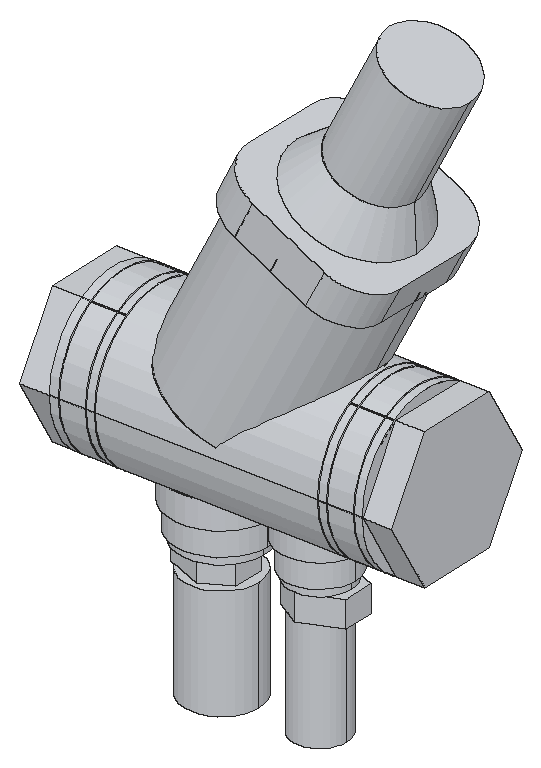
Revit family "Sigma_Compact_DN025_HF_RFA_2019", category Pipe Accessories, Revit 2019
Family settings
  Round Connector Dimension = Use Diameter
  Part Type = Valve - Breaks Into
  Work Plane-Based = No
  Always vertical = Yes
  Cut with Voids When Loaded = No
  Shared = No
Parameters (values of type "Sigma Compact DN 25 HF s měřením")
  magiProductId = "e5e5fa70e5f44115b8324bb7a2a437"
  magiProductFamilyId = "bfb31f54e1b64d079baf8cac8e8d7b"
  magiPartTypeId = 304
  isMeasuringValve [instance] = no
  ang2D [instance] = 0.00°
  Z6 = 27 mm
  Z5 = 63 mm
  Z4 = 54 mm
  Z3 = 9 mm
  Z2 = 45 mm
  XR2 = 25 mm
  XR1 = 13 mm
  W2D = 15 mm
  VersionID = "2.0/2018.12.13.2/FRESE_SIGMA_PLUG_Q13_001"
  Use Minimum Symbol Size [instance] = no
  URL = "www.hydronic.cz"
  Type Comments = "závitový; vnitřní závit; PN25; max dp=400kPa; -10~+120°C; max uzavírací tlak 1MPa"
  R4 = 15 mm
  R3 = 10 mm
  R2 = 18 mm
  R1 = 19 mm
  QmdConnectorList = "301;D;302;D"
  Productdata [instance] = ""
  NL__ve = -NL  # -16.6 mm
  NL = 16.6 mm
  Manufacturer = "Hydronic Systems Prague s.r.o."
  MC Use Limits From Balancing Method = no
  MC Throttling Minimum Value = 0
  MC Throttling Maximum Value = 0
  MC Product Code = "53-2209 DN25 FF s měřením; (137-2400 l/h); kvs=4,2"
  MC Pressure Drop Minimum Value = 0.0 Pa
  MC Pressure Drop Maximum Value = 0.0 Pa
  MC Piping Given Pressure Drop [instance] = 0.0 Pa
  M5 = 34.9 mm
  M4 = 32.9 mm
  M3 = 26.9 mm
  M2 = 24.9 mm
  LP = 41.5 mm
  LM = 49.8 mm
  LL__ve = -LL  # -5.9 mm
  LLT__ve = -LLT  # -16.3 mm
  LLT = 16.3 mm
  LLL = 9 mm
  LL3 = 41 mm
  LL2 = 34 mm
  LL = 5.9 mm
  L3 = 11 mm
  L2D_Min = 30.48 mm
  L2D = 65 mm
  Description = "Automatický vyvažovací ventil"
  DR1 = no
  DR0 = yes
  DL2 = 66 mm
  D = 25 mm
  CenSd_R2_6 = R2 * cos(30.00°)  # 15.588 mm
  CAT0 = yes
  C0D1 = no
  C0D0 = yes
Types (3, lengths in mm): name | magiProductId | Z6 | Z5 | Z4 | Z3 | Z2 | R2 | NL__ve | NL | MC Product Code | M5 | M4 | M3 | M2 | LP | LM | LL__ve | LLT__ve | LLT | LLL | LL2 | LL | D | CenSd_R2_6
  Sigma Compact DN 15 HF s měřením | "5720d023926c42d59d57912da161fc" | 26.1 | 60.9 | 52.2 | 8.7 | 43.5 | 14 | -15 | 15 | "53-2201 DN15 FF s měřením; (60-1080 l/h); kvs=2,6" | 32.5 | 30.5 | 24.5 | 22.5 | 37.5 | 45 | -5.7 | -14.9 | 14.9 | 11 | 32 | 5.7 | 15 | 12.124
  Sigma Compact DN 20 HF s měřením | "71a172a3e93b42a69d546b1c4edcaf" | 26.1 | 60.9 | 52.2 | 8.7 | 43.5 | 14 | -15.8 | 15.8 | "53-2203 DN20 FF s měřením; (102-1930 l/h); kvs=4,0" | 33.7 | 31.7 | 25.7 | 23.7 | 39.5 | 47.4 | -5.7 | -14.9 | 14.9 | 11 | 32 | 5.7 | 20 | 12.124
  Sigma Compact DN 25 HF s měřením | "e5e5fa70e5f44115b8324bb7a2a437" | 27 | 63 | 54 | 9 | 45 | 18 | -16.6 | 16.6 | "53-2209 DN25 FF s měřením; (137-2400 l/h); kvs=4,2" | 34.9 | 32.9 | 26.9 | 24.9 | 41.5 | 49.8 | -5.9 | -16.3 | 16.3 | 9 | 34 | 5.9 | 25 | 15.588
Reference planes
  plane 1 "Center (Front/Back)": y = 0
  plane 2 "XYPLANE": z = 0
  plane 3 "Center (Left/Right)": x = 0
  plane 4 "408": x = 41.5
  plane 5 "407": x = -41.5
  plane 6 "404": z = -35.1
  plane 7 "403": z = -41
  plane 8 "402": z = -66
  plane 9 "213": x = -11
  plane 10 "168": z = -12.3
  plane 11 "167": z = -14.3
  plane 12 "166": z = -20.2
  plane 13 "165": z = -26.1
  plane 14 "164": z = -28.1
  plane 15 "154": z = 0
  plane 16 "152": y = 0
  plane 17 "151": z = -34
  plane 18 "150": x = 11
  plane 19 "75": through (318.218, 0, 679.605) normal (0.891, 0, -0.454)
  plane 20 "74": x = 34.9
  plane 21 "73": x = 32.9
  plane 22 "72": x = 26.9
  plane 23 "71": x = 24.9
  plane 24 "70": x = -34.9
  plane 25 "69": x = -32.9
  plane 26 "68": x = -26.9
  plane 27 "67": y = 0
  plane 28 "66": through (-666.893, 0, 343.166) normal (0.454, 0, 0.891)
  plane 29 "65": x = -24.9
  plane 30 "64": through (335.147, 0, 670.979) normal (0.891, 0, -0.454)
  plane 31 "63": through (-647.825, 0, 380.588) normal (0.454, 0, 0.891)
  plane 32 "62": through (352.076, 0, 662.353) normal (0.891, 0, -0.454)
  plane 33 "61": y = 19
  plane 34 "60": y = -19
  plane 35 "59": through (-643.739, 0, 388.607) normal (0.454, 0, 0.891)
  plane 36 "58": through (-639.653, 0, 396.626) normal (0.454, 0, 0.891)
  plane 37 "56": x = 0
  plane 38 "55": through (-668.255, 0, 340.493) normal (0.454, 0, 0.891)
  plane 39 "102XY": through (-668.255, 0, 340.493) normal (0.454, 0, 0.891)
  plane 40 "102XZ": y = 0
  plane 41 "102YZ": through (340.493, 0, 668.255) normal (0.891, 0, -0.454)
Forms (mm)
  Extrusion 1, solid
    sketch origin (41.5, -750, 0) x (0, 1, 0) y (0, 0, 1)
      loop
        line (768, 0) -> (759, 15.588) -> (741, 15.588) -> (732, 0) -> (741, -15.588) -> (759, -15.588) -> (768, 0)
    from 0 to -16.6 <- "NL__ve"
  Extrusion 2, solid
    sketch origin (-41.5, -750, 0) x (0, 1, 0) y (0, 0, 1)
      loop
        line (732, 0) -> (741, -15.588) -> (759, -15.588) -> (768, 0) -> (759, 15.588) -> (741, 15.588) -> (732, 0)
    from 0 to 16.6 <- "NL"
  Extrusion 3, solid, visible <- "C0D1"
    sketch origin (-750, 0, -66) x (1, 0, 0) y (0, 1, 0)
      loop
        circle (739, 0) r 9.4
    from 0 to 50
  Extrusion 4, solid, visible <- "DR1"
    sketch origin (-750, 0, -35.1) x (1, 0, 0) y (0, 1, 0)
      loop
        line (739, -8) -> (745.928, -4) -> (745.928, 4) -> (739, 8) -> (729.672, 4) -> (729.672, -4) -> (739, -8)
    from 0 to -5.9 <- "LL__ve"
  Extrusion 5, solid, visible <- "DR1"
    sketch origin (-750, 0, -35.1) x (1, 0, 0) y (0, 1, 0)
      loop
        circle (739, 0) r 10.4
    from 0 to 9 <- "LLL"
  Extrusion 6, solid, visible <- "DR1"
    sketch origin (-750, 0, -26.1) x (1, 0, 0) y (0, 1, 0)
      loop
        circle (739, 0) r 11.4
    from 0 to 5.9 <- "LL"
  Extrusion 7, solid, visible <- "DR1"
    sketch origin (-750, 0, -20.2) x (1, 0, 0) y (0, 1, 0)
      loop
        circle (739, 0) r 12.4
    from 0 to 5.9 <- "LL"
  Blend 8, solid, visible <- "DR1"
    base sketch origin (-750, 0, -12.3) x (1, 0, 0) y (0, 1, 0)
      loop
        circle (739, 0) r 9.9
    top sketch origin (-750, 0, -12.3) x (1, 0, 0) y (0, 1, 0)
      loop
        circle (739, 0) r 12.4
    from 0 to -2
  Extrusion 9, solid, visible <- "DR1"
    sketch origin (-750, 0, 0) x (1, 0, 0) y (0, 1, 0)
      loop
        circle (739, 0) r 9.9
    from 0 to -16.3 <- "LLT__ve"
  Extrusion 10, solid, visible <- "C0D0"
    sketch origin (-750, 0, -34) x (1, 0, 0) y (0, 1, 0)
      loop
        circle (739, 0) r 8.4
    from 0 to -25
  Extrusion 11, solid, visible <- "DR0"
    sketch origin (-750, 0, -28.1) x (1, 0, 0) y (0, 1, 0)
      loop
        line (739, -7) -> (745.062, -3.5) -> (745.062, 3.5) -> (739, 7) -> (730.538, 3.5) -> (730.538, -3.5) -> (739, -7)
    from 0 to -5.9 <- "LL__ve"
  Extrusion 12, solid, visible <- "DR0"
    sketch origin (-750, 0, -28.1) x (1, 0, 0) y (0, 1, 0)
      loop
        circle (739, 0) r 9.4
    from 0 to 2
  Extrusion 13, solid, visible <- "DR0"
    sketch origin (-750, 0, -20.2) x (1, 0, 0) y (0, 1, 0)
      loop
        circle (739, 0) r 11.4
    from 0 to 5.9 <- "LL"
  Blend 14, solid, visible <- "DR0"
    base sketch origin (-750, 0, -12.3) x (1, 0, 0) y (0, 1, 0)
      loop
        circle (739, 0) r 8.9
    top sketch origin (-750, 0, -12.3) x (1, 0, 0) y (0, 1, 0)
      loop
        circle (739, 0) r 11.4
    from 0 to -2
  Extrusion 15, solid, visible <- "DR0"
    sketch origin (-750, 0, 0) x (1, 0, 0) y (0, 1, 0)
      loop
        circle (739, 0) r 8.9
    from 0 to -16.3 <- "LLT__ve"
  Extrusion 16, solid, visible <- "DR0"
    sketch origin (-750, 0, 0) x (1, 0, 0) y (0, 1, 0)
      loop
        circle (739, 0) r 8.9
    from 0 to -16.3 <- "LLT__ve"
  Blend 17, solid, visible <- "DR0"
    base sketch origin (-750, 0, -12.3) x (1, 0, 0) y (0, 1, 0)
      loop
        circle (739, 0) r 8.9
    top sketch origin (-750, 0, -12.3) x (1, 0, 0) y (0, 1, 0)
      loop
        circle (739, 0) r 11.4
    from 0 to -2
  Extrusion 18, solid, visible <- "DR0"
    sketch origin (-750, 0, -20.2) x (1, 0, 0) y (0, 1, 0)
      loop
        circle (739, 0) r 11.4
    from 0 to 5.9 <- "LL"
  Extrusion 19, solid, visible <- "DR0"
    sketch origin (-750, 0, -26.1) x (1, 0, 0) y (0, 1, 0)
      loop
        circle (739, 0) r 10.4
    from 0 to 5.9 <- "LL"
  Extrusion 20, solid, visible <- "DR0"
    sketch origin (-750, 0, -28.1) x (1, 0, 0) y (0, 1, 0)
      loop
        circle (739, 0) r 9.4
    from 0 to 2
  Extrusion 21, solid, visible <- "DR0"
    sketch origin (-750, 0, -28.1) x (1, 0, 0) y (0, 1, 0)
      loop
        line (739, -7) -> (745.062, -3.5) -> (745.062, 3.5) -> (739, 7) -> (730.538, 3.5) -> (730.538, -3.5) -> (739, -7)
    from 0 to -5.9 <- "LL__ve"
  Extrusion 22, solid, visible <- "C0D0"
    sketch origin (-750, 0, -34) x (1, 0, 0) y (0, 1, 0)
      loop
        circle (739, 0) r 8.4
    from 0 to -25
  Extrusion 23, solid, visible <- "CAT0"
    sketch origin (-750, 0, -34) x (1, 0, 0) y (0, 1, 0)
      loop
        circle (761, 0) r 6
    from 0 to -25
  Extrusion 24, solid
    sketch origin (-750, 0, -28.1) x (1, 0, 0) y (0, 1, 0)
      loop
        line (761, -7) -> (769.462, -3.5) -> (769.462, 3.5) -> (761, 7) -> (754.938, 3.5) -> (754.938, -3.5) -> (761, -7)
    from 0 to -5.9 <- "LL__ve"
  Extrusion 25, solid
    sketch origin (-750, 0, -28.1) x (1, 0, 0) y (0, 1, 0)
      loop
        circle (761, 0) r 7
    from 0 to 2
  Extrusion 26, solid
    sketch origin (-750, 0, -26.1) x (1, 0, 0) y (0, 1, 0)
      loop
        circle (761, 0) r 8
    from 0 to 5.9 <- "LL"
  Extrusion 27, solid
    sketch origin (-750, 0, -20.2) x (1, 0, 0) y (0, 1, 0)
      loop
        circle (761, 0) r 9
    from 0 to 5.9 <- "LL"
  Blend 28, solid
    base sketch origin (-750, 0, -12.3) x (1, 0, 0) y (0, 1, 0)
      loop
        circle (761, 0) r 6.5
    top sketch origin (-750, 0, -12.3) x (1, 0, 0) y (0, 1, 0)
      loop
        circle (761, 0) r 9
    from 0 to -2
  Extrusion 29, solid
    sketch origin (-750, 0, 0) x (1, 0, 0) y (0, 1, 0)
      loop
        circle (761, 0) r 6.5
    from 0 to -16.3 <- "LLT__ve"
  Blend 30, solid, visible <- "CAT0"
    base sketch origin (32.9, -750, 0) x (0, 1, 0) y (0, 0, 1)
      loop
        circle (750, 0) r 18
    top sketch origin (32.9, -750, 0) x (0, 1, 0) y (0, 0, 1)
      loop
        circle (750, 0) r 18
    from 0 to 2
  Extrusion 31, solid, visible <- "CAT0"
    sketch origin (26.9, -750, 0) x (0, 1, 0) y (0, 0, 1)
      loop
        circle (750, 0) r 18
    from 0 to 6
  Blend 32, solid, visible <- "CAT0"
    base sketch origin (24.9, -750, 0) x (0, 1, 0) y (0, 0, 1)
      loop
        circle (750, 0) r 18
    top sketch origin (24.9, -750, 0) x (0, 1, 0) y (0, 0, 1)
      loop
        circle (750, 0) r 18
    from 0 to 2
  Blend 33, solid, visible <- "CAT0"
    base sketch origin (-32.9, -750, 0) x (0, 1, 0) y (0, 0, 1)
      loop
        circle (750, 0) r 18
    top sketch origin (-32.9, -750, 0) x (0, 1, 0) y (0, 0, 1)
      loop
        circle (750, 0) r 18
    from 0 to -2
  Extrusion 34, solid, visible <- "CAT0"
    sketch origin (-32.9, -750, 0) x (0, 1, 0) y (0, 0, 1)
      loop
        circle (750, 0) r 18
    from 0 to 6
  Blend 35, solid, visible <- "CAT0"
    base sketch origin (-26.9, -750, 0) x (0, 1, 0) y (0, 0, 1)
      loop
        circle (750, 0) r 18
    top sketch origin (-26.9, -750, 0) x (0, 1, 0) y (0, 0, 1)
      loop
        circle (750, 0) r 18
    from 0 to 2
  Extrusion 36, solid, visible <- "CAT0"
    sketch origin (-24.9, -750, 0) x (0, 1, 0) y (0, 0, 1)
      loop
        circle (750, 0) r 18
    from 0 to 49.8 <- "LM"
  Extrusion 37, solid, visible <- "CAT0"
    sketch origin (-666.893, 0, 343.166) x (0.891007, 0, -0.45399) y (0, 1, 0)
      loop
        circle (744, 0) r 19
    from 0 to 45 <- "Z2"
  Extrusion 38, solid, visible <- "CAT0"
    sketch origin (-647.825, 0, 380.588) x (0.891007, 0, -0.45399) y (0, 1, 0)
      loop
        arc (735, 19) -> (727.929, 16.071) -> (725, 9) r 10
        line (725, 9) -> (725, -9)
        arc (725, -9) -> (727.929, -16.071) -> (735, -19) r 10
        line (735, -19) -> (753, -19)
        arc (753, -19) -> (760.071, -16.071) -> (763, -9) r 10
        line (763, -9) -> (763, 9)
        arc (763, 9) -> (760.071, 16.071) -> (753, 19) r 10
        line (753, 19) -> (735, 19)
    from 0 to 9 <- "Z3"
  Blend 39, solid, visible <- "CAT0"
    base sketch origin (-643.739, 0, 388.607) x (0.891007, 0, -0.45399) y (0, 1, 0)
      loop
        circle (744, 0) r 15
    top sketch origin (-643.739, 0, 388.607) x (0.891007, 0, -0.45399) y (0, 1, 0)
      loop
        circle (744, 0) r 10
    from 0 to 9
  Extrusion 40, solid, visible <- "CAT0"
    sketch origin (-639.653, 0, 396.626) x (0.891007, 0, -0.45399) y (0, 1, 0)
      loop
        circle (744, 0) r 10
    from 0 to 27 <- "Z6"
  Blend 41, solid, visible <- "CAT0"
    base sketch origin (-668.255, 0, 340.493) x (0.891007, 0, -0.45399) y (0, 1, 0)
      loop
        circle (744, 0) r 15
    top sketch origin (-668.255, 0, 340.493) x (0.891007, 0, -0.45399) y (0, 1, 0)
      loop
        circle (744, 0) r 19
    from 0 to 3
  Extrusion 42, solid, not visible
    sketch origin (-34.9, -750, 0) x (0, 1, 0) y (0, 0, 1)
      loop
        circle (750, 0) r 10
    from 0 to 10
  Extrusion 43, solid, not visible
    sketch origin (34.9, -750, 0) x (0, 1, 0) y (0, 0, 1)
      loop
        circle (750, 0) r 10
    from 0 to -10
Lines and regions (mm)
  reference lines, not visible
    curve 1: circle (2, 2, 0) r 1 normal (0, 0, 1)
  reference lines
    curve 2: line (41.5, 0, 0) -> (41.5, -3.5, 6.062)
    curve 3: line (41.5, 0, 0) -> (41.5, -7, 0)
    curve 4: line (41.5, 0, 0) -> (41.5, -3.5, -6.062)
    curve 5: line (-41.5, 0, 0) -> (-41.5, 3.5, 6.062)
    curve 6: line (-41.5, 0, 0) -> (-41.5, 7, 0)
    curve 7: line (-41.5, 0, 0) -> (-41.5, 3.5, -6.062)
Dimensions and locks
  plane 1 "Center (Front/Back)" to curve 1 = 2 mm
  "LP": plane 37 "56" to plane 4 "408"
  "LP": plane 37 "56" to plane 5 "407"
  "LL": plane 7 "403" to plane 6 "404"
  "LL3": plane 2 "XYPLANE" to plane 7 "403"
  "DL2": plane 2 "XYPLANE" to plane 8 "402"
  "L3": plane 3 "Center (Left/Right)" to plane 9 "213"
  locked: plane 11 "167" to plane 10 "168" at 2
  "LL": plane 12 "166" to plane 11 "167"
  "LL": plane 13 "165" to plane 12 "166"
  locked: plane 14 "164" to plane 13 "165" at 2
  "LL": plane 17 "151" to plane 14 "164"
  locked: plane 2 "XYPLANE" to plane 15 "154"
  locked: plane 1 "Center (Front/Back)" to plane 16 "152"
  "LL2": plane 2 "XYPLANE" to plane 17 "151"
  "L3": plane 3 "Center (Left/Right)" to plane 18 "150"
  "XR2": plane 41 "102YZ" to plane 19 "75"
  "M5": plane 3 "Center (Left/Right)" to plane 20 "74"
  "M4": plane 3 "Center (Left/Right)" to plane 21 "73"
  "M3": plane 3 "Center (Left/Right)" to plane 22 "72"
  "M2": plane 3 "Center (Left/Right)" to plane 23 "71"
  "M5": plane 3 "Center (Left/Right)" to plane 24 "70"
  "M4": plane 3 "Center (Left/Right)" to plane 25 "69"
  "M3": plane 3 "Center (Left/Right)" to plane 26 "68"
  locked: plane 16 "152" to plane 27 "67"
  locked: plane 39 "102XY" to plane 28 "66" at 3
  "M2": plane 3 "Center (Left/Right)" to plane 29 "65"
  locked: plane 41 "102YZ" to plane 30 "64" at 6
  "Z2": plane 39 "102XY" to plane 31 "63"
  "XR1": plane 41 "102YZ" to plane 32 "62"
  "R1": plane 16 "152" to plane 33 "61"
  "R1": plane 16 "152" to plane 34 "60"
  "Z4": plane 39 "102XY" to plane 35 "59"
  "Z5": plane 39 "102XY" to plane 36 "58"
  locked: plane 3 "Center (Left/Right)" to plane 37 "56"
  locked: plane 39 "102XY" to plane 38 "55"
  "CenSd_R2_6": curve 2 to Extrusion 1 sketch curve  (x2)
  "CenSd_R2_6": curve 3 to Extrusion 1 sketch curve  (x2)
  "CenSd_R2_6": curve 4 to Extrusion 1 sketch curve  (x2)
  Extrusion 1 sketch curve to Extrusion 1 sketch curve = 0 mm  (x12)
  "CenSd_R2_6": curve 5 to Extrusion 2 sketch curve  (x2)
  "CenSd_R2_6": curve 6 to Extrusion 2 sketch curve  (x2)
  "CenSd_R2_6": curve 7 to Extrusion 2 sketch curve  (x2)
  Extrusion 2 sketch curve to Extrusion 2 sketch curve = 0 mm  (x12)
  Extrusion 4 sketch curve to Extrusion 4 sketch curve = 0 mm  (x12)
  Extrusion 11 sketch curve to Extrusion 11 sketch curve = 0 mm  (x12)
  Extrusion 21 sketch curve to Extrusion 21 sketch curve = 0 mm  (x12)
  Extrusion 24 sketch curve to Extrusion 24 sketch curve = 0 mm  (x12)
  Extrusion 38 sketch curve to Extrusion 38 sketch curve = 0 mm  (x16)
  "R2": radius of Blend 30 sketch curve  (x2)
  "R2": radius of Extrusion 31 sketch curve
  "R2": radius of Blend 32 sketch curve  (x2)
  "R2": radius of Blend 33 sketch curve  (x2)
  "R2": radius of Extrusion 34 sketch curve
  "R2": radius of Blend 35 sketch curve  (x2)
  "R2": radius of Extrusion 36 sketch curve
  "R1": radius of Extrusion 37 sketch curve
  radius of Extrusion 38 sketch curve = 10 mm  (x4)
  "R3": radius of Blend 39 sketch curve
  "R4": radius of Blend 39 sketch curve
  "R3": radius of Extrusion 40 sketch curve
  "R1": radius of Blend 41 sketch curve
  locked: curve 3 to curve 2 (angle 60.00°)
  locked: curve 4 to curve 3 (angle 60.00°)
  locked: curve 4 to curve 2 (angle 120.00°)
  locked: curve 6 to curve 5 (angle 60.00°)
  locked: curve 7 to curve 6 (angle 60.00°)
  locked: curve 7 to curve 5 (angle 120.00°)
  aligned and locked: level to plane 2 "XYPLANE"
  aligned and locked: plane 15 "154" to curve 4
  aligned and locked: curve 4 to plane 16 "152"
  aligned and locked: plane 15 "154" to curve 7
  aligned and locked: curve 7 to plane 16 "152"
  aligned and locked: plane 9 "213" to Extrusion 3 sketch curve
  aligned and locked: plane 16 "152" to Extrusion 3 sketch curve
  aligned and locked: plane 9 "213" to Extrusion 5 sketch curve
  aligned and locked: plane 16 "152" to Extrusion 5 sketch curve
  aligned and locked: plane 9 "213" to Extrusion 6 sketch curve
  aligned and locked: plane 16 "152" to Extrusion 6 sketch curve
  aligned and locked: plane 9 "213" to Extrusion 7 sketch curve
  aligned and locked: plane 16 "152" to Extrusion 7 sketch curve
  aligned and locked: plane 9 "213" to Blend 8 sketch curve  (x2)
  aligned and locked: plane 16 "152" to Blend 8 sketch curve  (x2)
  aligned and locked: Blend 8 to plane 11 "167"
  aligned and locked: plane 9 "213" to Extrusion 9 sketch curve
  aligned and locked: plane 16 "152" to Extrusion 9 sketch curve
  aligned and locked: plane 9 "213" to Extrusion 10 sketch curve
  aligned and locked: plane 16 "152" to Extrusion 10 sketch curve
  aligned and locked: plane 9 "213" to Extrusion 12 sketch curve
  aligned and locked: plane 16 "152" to Extrusion 12 sketch curve
  aligned and locked: plane 9 "213" to Extrusion 13 sketch curve
  aligned and locked: plane 16 "152" to Extrusion 13 sketch curve
  aligned and locked: plane 9 "213" to Blend 14 sketch curve  (x2)
  aligned and locked: plane 16 "152" to Blend 14 sketch curve  (x2)
  aligned and locked: Blend 14 to plane 11 "167"
  aligned and locked: plane 9 "213" to Extrusion 15 sketch curve
  aligned and locked: plane 16 "152" to Extrusion 15 sketch curve
  aligned and locked: plane 9 "213" to Extrusion 16 sketch curve
  aligned and locked: plane 16 "152" to Extrusion 16 sketch curve
  aligned and locked: plane 9 "213" to Blend 17 sketch curve  (x2)
  aligned and locked: plane 16 "152" to Blend 17 sketch curve  (x2)
  aligned and locked: Blend 17 to plane 11 "167"
  aligned and locked: plane 9 "213" to Extrusion 18 sketch curve
  aligned and locked: plane 16 "152" to Extrusion 18 sketch curve
  aligned and locked: plane 9 "213" to Extrusion 19 sketch curve
  aligned and locked: plane 16 "152" to Extrusion 19 sketch curve
  aligned and locked: plane 9 "213" to Extrusion 20 sketch curve
  aligned and locked: plane 16 "152" to Extrusion 20 sketch curve
  aligned and locked: plane 9 "213" to Extrusion 22 sketch curve
  aligned and locked: plane 16 "152" to Extrusion 22 sketch curve
  aligned and locked: plane 16 "152" to Extrusion 23 sketch curve
  aligned and locked: plane 18 "150" to Extrusion 23 sketch curve
  aligned and locked: plane 16 "152" to Extrusion 25 sketch curve
  aligned and locked: plane 18 "150" to Extrusion 25 sketch curve
  aligned and locked: plane 16 "152" to Extrusion 26 sketch curve
  aligned and locked: plane 18 "150" to Extrusion 26 sketch curve
  aligned and locked: plane 16 "152" to Extrusion 27 sketch curve
  aligned and locked: plane 18 "150" to Extrusion 27 sketch curve
  aligned and locked: plane 16 "152" to Blend 28 sketch curve  (x2)
  aligned and locked: plane 18 "150" to Blend 28 sketch curve  (x2)
  aligned and locked: Blend 28 to plane 11 "167"
  aligned and locked: plane 16 "152" to Extrusion 29 sketch curve
  aligned and locked: plane 18 "150" to Extrusion 29 sketch curve
  aligned and locked: plane 15 "154" to Blend 30 sketch curve  (x2)
  aligned and locked: Blend 30 sketch curve to plane 16 "152"  (x2)
  aligned and locked: plane 20 "74" to Blend 30
  aligned and locked: plane 15 "154" to Extrusion 31 sketch curve
  aligned and locked: Extrusion 31 sketch curve to plane 16 "152"
  aligned and locked: plane 15 "154" to Blend 32 sketch curve  (x2)
  aligned and locked: Blend 32 sketch curve to plane 16 "152"  (x2)
  aligned and locked: plane 22 "72" to Blend 32
  aligned and locked: plane 15 "154" to Blend 33 sketch curve  (x2)
  aligned and locked: Blend 33 sketch curve to plane 16 "152"  (x2)
  aligned and locked: Blend 33 to plane 24 "70"
  aligned and locked: plane 15 "154" to Extrusion 34 sketch curve
  aligned and locked: Extrusion 34 sketch curve to plane 16 "152"
  aligned and locked: plane 15 "154" to Blend 35 sketch curve  (x2)
  aligned and locked: Blend 35 sketch curve to plane 16 "152"  (x2)
  aligned and locked: plane 29 "65" to Blend 35
  aligned and locked: plane 15 "154" to Extrusion 36 sketch curve
  aligned and locked: Extrusion 36 sketch curve to plane 16 "152"
  aligned and locked: plane 27 "67" to Extrusion 37 sketch curve
  aligned and locked: Extrusion 37 sketch curve to plane 30 "64"
  aligned and locked: Extrusion 38 sketch curve to plane 19 "75"
  aligned and locked: Extrusion 38 sketch curve to plane 34 "60"
  aligned and locked: Extrusion 38 sketch curve to plane 32 "62"
  aligned and locked: plane 33 "61" to Extrusion 38 sketch curve
  aligned and locked: plane 27 "67" to Blend 39 sketch curve  (x2)
  aligned and locked: Blend 39 sketch curve to plane 30 "64"  (x2)
  aligned and locked: plane 36 "58" to Blend 39
  aligned and locked: plane 27 "67" to Extrusion 40 sketch curve
  aligned and locked: Extrusion 40 sketch curve to plane 30 "64"
  aligned and locked: plane 27 "67" to Blend 41 sketch curve  (x2)
  aligned and locked: Blend 41 sketch curve to plane 30 "64"  (x2)
  aligned and locked: plane 28 "66" to Blend 41
  aligned and locked: plane 15 "154" to Extrusion 42 sketch curve
  aligned and locked: Extrusion 42 sketch curve to plane 16 "152"
  aligned and locked: plane 15 "154" to Extrusion 43 sketch curve
  aligned and locked: Extrusion 43 sketch curve to plane 16 "152"
Automatic sketch dimensions
  plane 29 "65" to Extrusion 3 sketch curve = 4.5 mm
  Extrusion 4 sketch curve to plane 9 "213" = 0 mm  (x2)
  plane 29 "65" to Extrusion 4 sketch curve = 4.572 mm
  Extrusion 4 sketch curve to plane 3 "Center (Left/Right)" = 4.072 mm
  plane 1 "Center (Front/Back)" to Extrusion 4 sketch curve = 8 mm
  plane 1 "Center (Front/Back)" to Extrusion 4 sketch curve = 4 mm  (x2)
  Extrusion 4 sketch curve to plane 1 "Center (Front/Back)" = 4 mm  (x2)
  Extrusion 4 sketch curve to Extrusion 4 sketch curve = 4 mm
  plane 29 "65" to Extrusion 5 sketch curve = 3.5 mm
  plane 29 "65" to Extrusion 6 sketch curve = 2.5 mm
  plane 29 "65" to Extrusion 7 sketch curve = 1.5 mm
  plane 29 "65" to Blend 8 sketch curve = 4 mm
  plane 29 "65" to Blend 8 sketch curve = 1.5 mm
  plane 29 "65" to Extrusion 9 sketch curve = 4 mm
  plane 29 "65" to Extrusion 10 sketch curve = 5.5 mm
  Extrusion 11 sketch curve to plane 9 "213" = 0 mm  (x2)
  plane 29 "65" to Extrusion 11 sketch curve = 5.438 mm
  Extrusion 11 sketch curve to plane 3 "Center (Left/Right)" = 4.938 mm
  plane 1 "Center (Front/Back)" to Extrusion 11 sketch curve = 7 mm
  plane 1 "Center (Front/Back)" to Extrusion 11 sketch curve = 3.5 mm  (x2)
  Extrusion 11 sketch curve to plane 1 "Center (Front/Back)" = 3.5 mm  (x2)
  Extrusion 11 sketch curve to Extrusion 11 sketch curve = 3.5 mm
  plane 29 "65" to Extrusion 12 sketch curve = 4.5 mm
  plane 29 "65" to Extrusion 13 sketch curve = 2.5 mm
  plane 29 "65" to Blend 14 sketch curve = 5 mm
  plane 29 "65" to Blend 14 sketch curve = 2.5 mm
  plane 29 "65" to Extrusion 15 sketch curve = 5 mm
  plane 29 "65" to Extrusion 16 sketch curve = 5 mm
  plane 29 "65" to Blend 17 sketch curve = 5 mm
  plane 29 "65" to Blend 17 sketch curve = 2.5 mm
  plane 29 "65" to Extrusion 18 sketch curve = 2.5 mm
  plane 29 "65" to Extrusion 19 sketch curve = 3.5 mm
  plane 29 "65" to Extrusion 20 sketch curve = 4.5 mm
  Extrusion 21 sketch curve to plane 9 "213" = 0 mm  (x2)
  plane 29 "65" to Extrusion 21 sketch curve = 5.438 mm
  Extrusion 21 sketch curve to plane 3 "Center (Left/Right)" = 4.938 mm
  plane 1 "Center (Front/Back)" to Extrusion 21 sketch curve = 7 mm
  plane 1 "Center (Front/Back)" to Extrusion 21 sketch curve = 3.5 mm  (x2)
  Extrusion 21 sketch curve to plane 1 "Center (Front/Back)" = 3.5 mm  (x2)
  Extrusion 21 sketch curve to Extrusion 21 sketch curve = 3.5 mm
  plane 29 "65" to Extrusion 22 sketch curve = 5.5 mm
  plane 3 "Center (Left/Right)" to Extrusion 23 sketch curve = 5 mm
  Extrusion 24 sketch curve to plane 18 "150" = 0 mm  (x2)
  plane 3 "Center (Left/Right)" to Extrusion 24 sketch curve = 4.938 mm
  Extrusion 24 sketch curve to plane 23 "71" = 5.438 mm
  plane 1 "Center (Front/Back)" to Extrusion 24 sketch curve = 7 mm
  plane 1 "Center (Front/Back)" to Extrusion 24 sketch curve = 3.5 mm  (x2)
  Extrusion 24 sketch curve to plane 1 "Center (Front/Back)" = 3.5 mm  (x2)
  Extrusion 24 sketch curve to Extrusion 24 sketch curve = 3.5 mm
  plane 3 "Center (Left/Right)" to Extrusion 25 sketch curve = 4 mm
  plane 3 "Center (Left/Right)" to Extrusion 26 sketch curve = 3 mm
  plane 3 "Center (Left/Right)" to Extrusion 27 sketch curve = 2 mm
  plane 3 "Center (Left/Right)" to Blend 28 sketch curve = 4.5 mm
  plane 3 "Center (Left/Right)" to Blend 28 sketch curve = 2 mm
  plane 3 "Center (Left/Right)" to Extrusion 29 sketch curve = 4.5 mm
  plane 19 "75" to Blend 41 sketch curve = 4 mm
  plane 34 "60" to Extrusion 42 sketch curve = 9 mm
  plane 34 "60" to Extrusion 43 sketch curve = 9 mm
  plane 3 "Center (Left/Right)" to curve 1 = 2 mm
  radius of curve 1 = 1 mm
Connectors
  piping at (-34.9, 0, 0), diameter 25, driven by "D"
    settings: on Extrusion 42, index 1, connector inside diameter 609.6 mm, connector length 0 mm, flow factor 0, pipe flow 0.0 L/s, pressure drop 0.0 Pa, fitting loss kfactor 0, connector angle 0.00°, fixture units 0, engagement length 0 mm, angle of deflection 0.00°, flow configuration 0, flow direction 0, fitting loss method 0, system type 29, joint type 0, gender type 0, connector reference index 2, connector utility 0, adjustable connector no, is connector primary yes, connector description ""
  piping at (34.9, 0, 0), diameter 25, driven by "D"
    settings: on Extrusion 43, index 2, connector inside diameter 609.6 mm, connector length 0 mm, flow factor 0, pipe flow 0.0 L/s, pressure drop 0.0 Pa, fitting loss kfactor 0, connector angle 0.00°, fixture units 0, engagement length 0 mm, angle of deflection 0.00°, flow configuration 0, flow direction 0, fitting loss method 0, system type 29, joint type 0, gender type 0, connector reference index 1, connector utility 0, adjustable connector no, is connector primary no, connector description ""
